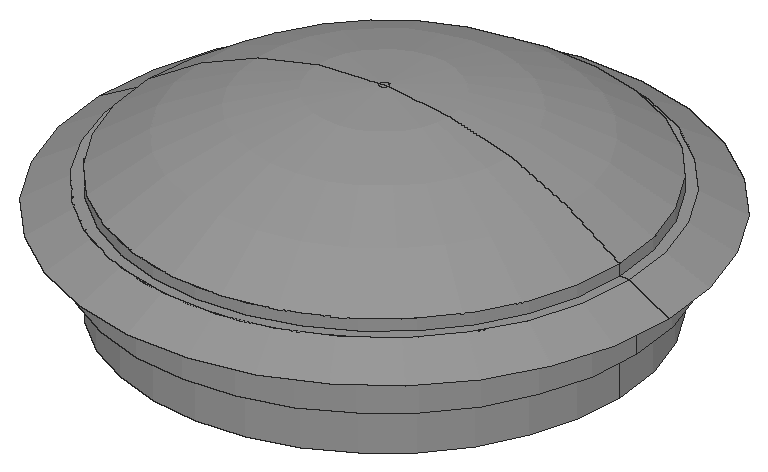
Revit family "3034751 Lighting Fixture_Sylvania_Giotto 235 LED_Recessed Mounted", category Lighting Fixtures, host Face, Revit 2015
Parameters (values of type "Giotto235 rec ww EB")
  Width = 265.0 mm
  Glow Wire Test = 850 °C  # constant formula
  Energy Class = "A++A+A"  # constant formula
  Cutout Diameter = Width - 30.0 mm  # 235.0 mm
  Weight = 0.86 kg
  Wattage = 13.3488 W
  built-in parameter 1150110 = 1 (stored number, unit not read)
  Voltage Comments = "UNV (Universal Voltage; 220-240 Volt)"  # constant formula
  Voltage = 230 V  # constant formula
  URL = "http://www.feilosylvania.com/"
  built-in parameter 1114217 = 1 (stored number, unit not read)
  Tilt Angle = -90°
  built-in parameter 1150109 = 1 (stored number, unit not read)
  built-in parameter 1150134 = (empty or 0)
  built-in parameter 1150113 = 1 (stored number, unit not read)
  Product Page URL = "http://www.feilosylvania.com/product/en-int/products/3034751"
  Product Family = "GIOTTO LED 235 - RECESSED"  # constant formula
  Photometry Comments = ""
  Photometric Web File = "3034751.ies"
  Life = "50 000 h"  # constant formula
  IP Rating = "IP44"  # constant formula
  IK Rating = "IK10"  # constant formula
  Emit from Circle Diameter = Cutout Diameter - 16.0 mm  # 219.0 mm
  Emit Shape Visible in Rendering = no
  Electrical Protection = "CLASS I"  # constant formula
  Drive Current = "700 mA"  # constant formula
  Diffuser Material = Polycarbonate_Sylvania_Giotto_Opal
  Height = 92.0 mm
  built-in parameter 1114216 [instance] = 1 (stored number, unit not read)
  Model = "Giotto235 rec ww EB"
  Manufacturer = "Feilo Sylvania"  # constant formula
  built-in parameter 1150105 = 68.516 (stored number, unit not read)
  Lumens = 861 lm
  built-in parameter 1150115 = 1 (stored number, unit not read)
  built-in parameter 1150137 = (empty or 0)
  built-in parameter 1150139 = (empty or 0)
  built-in parameter 1150112 = 1 (stored number, unit not read)
  built-in parameter 1150114 = 1 (stored number, unit not read)
  Lamp Comments = "Integrated LED"  # constant formula
  Lamp = "12 W"
  built-in parameter 1150132 = 2
  built-in parameter 1150102 = (empty or 0)
  built-in parameter 1150107 = 3000 (stored number, unit not read)
  built-in parameter 1150138 = (empty or 0)
  built-in parameter 1150106 = 0.68516 (stored number, unit not read)
  Body Material = Polycarbonate_Sylvania_Giotto_White
  built-in parameter 1150104 = 5.9922 (stored number, unit not read)
  Dimming Lamp Color Temperature Shift = <None>
  Description = "Surface or recessed mount versions available Ideal for general lighting in public areas Microwave presence detection versions 3 hour emergency light versions with integrated gear Up to 1200lm neutral white"  # constant formula
  Default Elevation = 0.0 mm
  Color Filter = 16777215
  Catalog Number = "3034751"
  built-in parameter 1140040 [instance] = 1
  built-in parameter 1114218 = 1 (stored number, unit not read)
  built-in parameter 1150133 = 10 (stored number, unit not read)
  Assembly Code = "D5020200"
  Apparent Load Comments = ""
  Apparent Load = 12 VA
Reference planes
  plane 1 "Center (Front/Back)": y = 0
  plane 2: z = 0
  plane 3 "Center (Left/Right)": x = 0
  plane 4 "Fixture Left": x = -117.5
  plane 5 "Fixture Right": x = 117.5
  plane 6 "Fixture Top": z = 51
  plane 7 "Difuser Left": x = -109.5
  plane 8 "Difuser Right": x = 109.5
  plane 9 "Brace Top": z = 0
  plane 10 "Brace Bottom": z = -20
  plane 11: z = -41
  plane 12: x = 132.5
  plane 13: x = -132.5
  plane 14: z = 10
Forms (mm)
  Revolve 1, solid, material "Polycarbonate_Sylvania_Giotto_White" <- "Body Material", detail levels fine
    sketch origin (0, 0, 0) x (1, 0, 0) y (0, 0, 1)
      loop
        line (0, -41) -> (0, 0) -> (-117.5, 0) -> (-117.5, -20) -> (-109.5, -20) -> (-109.5, -41) -> (0, -41)
      axis (0, 0) -> (0, -41)
    angle from 0 to 360
  Revolve 2, solid, material "Polycarbonate_Sylvania_Giotto_Opal" <- "Diffuser Material", detail levels fine
    sketch origin (0, 0, 0) x (1, 0, 0) y (0, 0, 1)
      loop
        line (-109.5, 15) -> (-109.5, 0) -> (0, 0) -> (0, 51) -> (-2, 51)
        arc (-2, 51) -> (-58.684, 41.761) -> (-109.5, 15) r 178.503
      axis (0, 51) -> (0, 0)
    angle from 0 to 360
  Revolve 3, solid, material "Polycarbonate_Sylvania_Giotto_White" <- "Body Material", detail levels coarse+medium
    sketch origin (0, 0, 0) x (1, 0, 0) y (0, 0, 1)
      loop
        line (-109.5, 15) -> (-109.5, 10) -> (-114.5, 10) -> (-132.5, 0) -> (-117.5, 0) -> (-117.5, -20) -> (-109.5, -20) -> (-109.5, -41) -> (0, -41) -> (0, 51) -> (-2, 51)
        arc (-2, 51) -> (-58.684, 41.761) -> (-109.5, 15) r 178.503
      axis (0, 51) -> (0, -41)
    angle from 0 to 360
  Extrusion 4, void
    sketch origin (0, 0, 59) x (-1, 0, 0) y (0, -1, 0)
      loop
        circle (0, 0) r 117.5
    from -100 to -8
  Revolve 5, solid, material "Polycarbonate_Sylvania_Giotto_White" <- "Body Material", detail levels fine
    sketch origin (0, 0, 0) x (1, 0, 0) y (0, 0, 1)
      loop
        line (-109.5, 10) -> (-114.5, 10) -> (-132.5, 0) -> (-109.5, 0) -> (-109.5, 10)
      axis (0, 10) -> (0, 0)
    angle from 0 to 360
Dimensions and locks
  equal spacing: plane 5 "Fixture Right", plane 3 "Center (Left/Right)", plane 4 "Fixture Left"
  "Cutout Diameter": plane 5 "Fixture Right" to plane 4 "Fixture Left"
  locked: plane 7 "Difuser Left" to plane 4 "Fixture Left" at 8
  locked: plane 5 "Fixture Right" to plane 8 "Difuser Right" at 8
  locked: Revolve 2 sketch curve to plane 9 "Brace Top" at 15
  equal spacing: plane 13, plane 3 "Center (Left/Right)", plane 12
  "Width": plane 12 to plane 13
  locked: plane 9 "Brace Top" to plane 11 at 41
  "Height": plane 6 "Fixture Top" to plane 11
  plane 6 "Fixture Top" to host face = 51.0 mm
  locked: plane 7 "Difuser Left" to Revolve 5 sketch curve at 5
  locked: plane 7 "Difuser Left" to Revolve 3 sketch curve at 5
  locked: Revolve 3 sketch curve to plane 14 at 5
  "Cutout Diameter": diameter of Extrusion 4 sketch curve
  aligned and locked: plane 2 to host face
  aligned and locked: level to host face
  aligned and locked: plane 1 "Center (Front/Back)" to imposter light
  aligned and locked: plane 4 "Fixture Left" to Revolve 1 sketch curve
  aligned and locked: plane 7 "Difuser Left" to Revolve 1 sketch curve
  aligned and locked: plane 10 "Brace Bottom" to Revolve 1 sketch curve
  aligned and locked: Revolve 1 sketch curve to plane 9 "Brace Top"
  aligned and locked: Revolve 1 sketch curve to plane 3 "Center (Left/Right)"  (x2)
  aligned and locked: Revolve 2 sketch curve to plane 7 "Difuser Left"
  aligned and locked: Revolve 2 sketch curve to plane 9 "Brace Top"
  aligned and locked: Revolve 2 sketch curve to plane 3 "Center (Left/Right)"  (x2)
  aligned and locked: plane 6 "Fixture Top" to Revolve 2 sketch curve
  aligned and locked: Revolve 3 sketch curve to plane 7 "Difuser Left"  (x2)
  aligned and locked: Revolve 3 sketch curve to plane 4 "Fixture Left"
  aligned and locked: Revolve 3 sketch curve to plane 10 "Brace Bottom"
  aligned and locked: Revolve 3 sketch curve to plane 3 "Center (Left/Right)"
  aligned and locked: plane 3 "Center (Left/Right)" to imposter light
  aligned and locked: imposter light to plane 6 "Fixture Top"
  aligned and locked: Revolve 3 sketch curve to plane 11
  aligned and locked: plane 11 to Revolve 1 sketch curve
  aligned and locked: imposter light to Extrusion 4
  aligned and locked: Extrusion 4 to Revolve 1
  aligned and locked: plane 7 "Difuser Left" to Revolve 5 sketch curve
  aligned and locked: Revolve 5 sketch curve to plane 9 "Brace Top"
  aligned and locked: Revolve 5 sketch curve to imposter light
  aligned and locked: Revolve 3 sketch curve to plane 2
  aligned and locked: level to plane 9 "Brace Top"
  aligned and locked: Revolve 5 sketch curve to plane 14
  aligned and locked: plane 13 to Revolve 5 sketch curve
  aligned and locked: Revolve 3 sketch curve to plane 14
Automatic sketch dimensions
  host sketch curve to host sketch curve = 1305.563 mm
  host sketch curve to host sketch curve = 1354.897 mm
  Revolve 1 sketch curve to level = 61.8 mm
  Revolve 1 sketch curve to plane 6 "Fixture Top" = 6.8 mm
  Revolve 5 sketch curve to plane 11 = 65.424 mm
  plane 6 "Fixture Top" to Revolve 5 sketch curve = 61.576 mm
  Revolve 2 sketch curve to plane 3 "Center (Left/Right)" = 2.0 mm
  plane 10 "Brace Bottom" to Revolve 2 sketch curve = 9.973 mm
  Revolve 2 sketch curve to Revolve 2 sketch curve = 84.973 mm
  plane 13 to Revolve 3 sketch curve = 0.0 mm
  Revolve 3 sketch curve to plane 3 "Center (Left/Right)" = 0.0 mm
  Revolve 3 sketch curve to plane 6 "Fixture Top" = 0.0 mm
  Revolve 3 sketch curve to plane 3 "Center (Left/Right)" = 2.0 mm
  Revolve 3 sketch curve to Revolve 3 sketch curve = 41.439 mm
  Revolve 3 sketch curve to Revolve 3 sketch curve = 81.6 mm
  plane 1 "Center (Front/Back)" to Extrusion 4 sketch curve = 0.0 mm
  Extrusion 4 sketch curve to plane 3 "Center (Left/Right)" = 0.0 mm
Connectors
  electrical at (0, 0, -41), driven by "Voltage", driven by "Apparent Load"
    settings: on Revolve 1, index 1, voltage 230 V, apparent load 0 VA, apparent load phase1 12 VA, apparent load phase2 0 VA, apparent load phase3 0 VA, power factor 1, load classification "Lighting", number of poles 1, system type 31, power factor state 1, is connector primary yes, connector utility no, sub classification motor no, connector description ""
